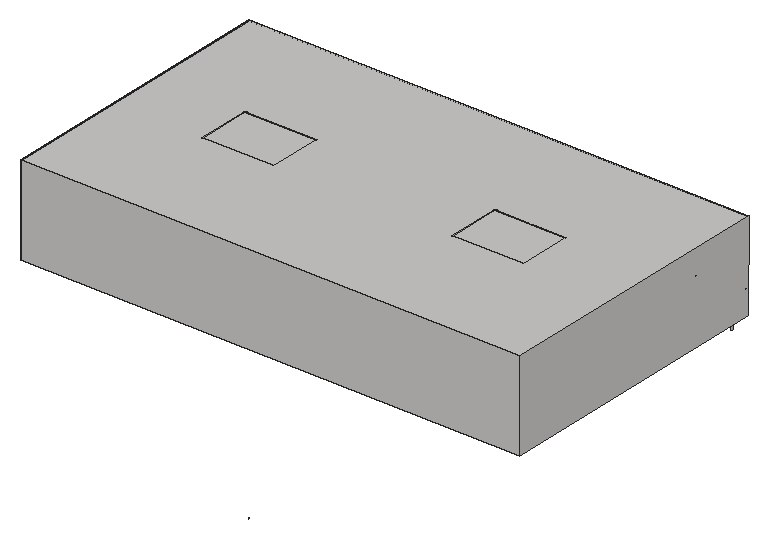
Revit family "QF_ELECTROLUXPROFESSIONAL_640282_VAP1628", category Specialty Equipment, Revit 2014
Reference planes
  plane 1: z = 0
  plane 2 "Center (Left/Right)": x = 150
  plane 3 "LEFT": x = -1250
  plane 4 "RIGHT": x = 1550
  plane 5 "BACK": y = 550
  plane 6 "TOP": z = 2500
  plane 7 "Base": z = 2000
  plane 8: z = 1970
  plane 9 "DrainY": y = 450
  plane 10: x = -1247
  plane 11 "DrainX": x = 1537
  plane 12 "AOLeft2": x = -350
  plane 13 "AORight1": x = 650
  plane 14: x = 1547
  plane 15: x = -1050
  plane 16: x = 1350
  plane 17: x = 50
  plane 18: x = 250
  plane 19 "Center (Front/Back)": y = -250
  plane 20 "Front": y = -1050
  plane 21 "AOLeft1": x = -750
  plane 22 "AORight2": x = 1050
  plane 23: through (0, 550, 2133.855) normal (0, 0.5299, 0.848)
  plane 24: through (0, -1050, 2133.855) normal (0, 0.5299, -0.848)
  plane 25: y = -100
  plane 26: y = -400
Forms (mm)
  Extrusion 1, solid, material "QF_Finishes_Stainless Steel"
    sketch origin (-1250, 0, 360) x (0, 1, 0) y (0, 0, 1)
      loop
        line (550, 1640) -> (550, 2140) -> (-1050, 2140) -> (-1050, 1640) -> (550, 1640)
    from 0 to 3
  Extrusion 2, solid, material "QF_Finishes_Stainless Steel"
    sketch origin (1550, 0, 360) x (0, 1, 0) y (0, 0, 1)
      loop
        line (550, 1640) -> (550, 2140) -> (-1050, 2140) -> (-1050, 1640) -> (550, 1640)
    from 0 to -3
  Extrusion 3, solid, material "QF_Finishes_Stainless Steel"
    sketch origin (150, 0, 360) x (0, 1, 0) y (0, 0, 1)
      loop
        line (-1050, 2140) -> (-1050, 1640) -> (-1040, 1640) -> (-1040, 1640.8) -> (-1049.2, 1640.8) -> (-1049.2, 2139.19) -> (549.2, 2139.19) -> (549.2, 1640.8) -> (540, 1640.8) -> (540, 1640) -> (550, 1640) -> (550, 2140) -> (-1050, 2140)
    from -1400 to 1400
  Extrusion 4, solid, material "QF_Finishes_Stainless Steel"
    sketch origin (0, 0, 2000) x (0, 1, 0) y (-1, 0, 0)
      loop
        circle (450, -1537) r 4.763
    from -30 to 0
  Extrusion 5, void
    sketch origin (0, 400, 2500) x (0, 1, 0) y (-1, 0, 0)
      loop
        line (-500, 350) -> (-500, 750) -> (-800, 750) -> (-800, 350) -> (-500, 350)
    from 0 to -10
  Extrusion 6, solid, material "QF_Finishes_Stainless Steel"
    sketch origin (0, 0, 0) x (1, 0, 0) y (0, 1, 0)
      loop
        line (-1250, 550) -> (-1250, 549) -> (-1249, 549) -> (-1249, 550) -> (-1250, 550)
    from 0 to 1
  Extrusion 7, solid, material "QF_Finishes_Stainless Steel"
    sketch origin (150, 0, 360) x (0, 1, 0) y (0, 0, 1)
      loop
        line (503.5, 1837.574) -> (207.375, 2022.621) -> (192.198, 1998.364) -> (488.366, 1813.348) -> (503.5, 1837.574)
      loop
        line (-1003.5, 1837.574) -> (-988.366, 1813.348) -> (-692.198, 1998.364) -> (-707.375, 2022.621) -> (-1003.5, 1837.574)
    from -1200 to -1397
  Extrusion 8, solid, material "QF_Finishes_Stainless Steel"
    sketch origin (150, 0, 360) x (0, 1, 0) y (0, 0, 1)
      loop
        line (549.2, 1775.312) -> (472.742, 1823.075) -> (472.313, 1822.387) -> (549.2, 1774.355) -> (549.2, 1775.312)
      loop
        line (202.48, 1991.938) -> (126.212, 2039.602) -> (-626.212, 2039.602) -> (-702.48, 1991.938) -> (-702.062, 1991.27) -> (-626, 2038.801) -> (126, 2038.801) -> (202.063, 1991.27) -> (202.48, 1991.938)
      loop
        line (-1049.2, 1775.312) -> (-1049.2, 1774.355) -> (-972.312, 1822.387) -> (-972.742, 1823.075) -> (-1049.2, 1775.312)
    from -1397 to 1397
  Extrusion 9, solid, material "QF_Finishes_Stainless Steel"
    sketch origin (150, 0, 360) x (0, 1, 0) y (0, 0, 1)
      loop
        line (-707.375, 2022.621) -> (-1003.5, 1837.574) -> (-988.366, 1813.348) -> (-692.198, 1998.364) -> (-707.375, 2022.621)
      loop
        line (503.5, 1837.574) -> (207.375, 2022.621) -> (192.198, 1998.364) -> (488.366, 1813.348) -> (503.5, 1837.574)
    from 1397 to 1200
  Extrusion 10, solid, material "QF_Finishes_Stainless Steel"
    sketch origin (150, 0, 360) x (0, 1, 0) y (0, 0, 1)
      loop
        line (-707.375, 2022.621) -> (-1003.5, 1837.574) -> (-988.366, 1813.348) -> (-692.198, 1998.364) -> (-707.375, 2022.621)
      loop
        line (503.5, 1837.574) -> (207.375, 2022.621) -> (192.198, 1998.364) -> (488.366, 1813.348) -> (503.5, 1837.574)
    from -100 to 100
  Extrusion 11, solid, material "QF_Finished_Chrome"
    sketch origin (150, 0, 360) x (0, 1, 0) y (0, 0, 1)
      loop
        line (503.5, 1837.574) -> (207.375, 2022.621) -> (192.198, 1998.364) -> (488.366, 1813.348) -> (503.5, 1837.574)
      loop
        line (-707.375, 2022.621) -> (-1003.5, 1837.574) -> (-988.366, 1813.348) -> (-692.198, 1998.364) -> (-707.375, 2022.621)
    from -1200 to -100
  Extrusion 12, solid, material "QF_Finished_Chrome"
    sketch origin (150, 0, 360) x (0, 1, 0) y (0, 0, 1)
      loop
        line (-707.375, 2022.621) -> (-1003.5, 1837.574) -> (-988.366, 1813.348) -> (-692.198, 1998.364) -> (-707.375, 2022.621)
      loop
        line (503.5, 1837.574) -> (207.375, 2022.621) -> (192.198, 1998.364) -> (488.366, 1813.348) -> (503.5, 1837.574)
    from 100 to 1200
  Sweep 13, solid, material "QF_Finishes_Stainless Steel"
    path origin (0, 0, 0) x (1, 0, 0) y (0, 1, 0)
      loop
        line (1550, 550) -> (-1250, 550) -> (-1250, -1050) -> (1550, -1050) -> (1550, 550)
    profile origin (1550, -250, 0) x (1, 0, 0) y (0, 0, 1)
      loop
        line (-3, 2000) -> (-3, 2000.8) -> (-19, 2000.8) -> (-19, 2010) -> (-20, 2010) -> (-20, 2000) -> (-3, 2000)
  Extrusion 14, void
    sketch origin (0, 400, 2500) x (0, 1, 0) y (-1, 0, 0)
      loop
        line (-500, -1050) -> (-500, -650) -> (-800, -650) -> (-800, -1050) -> (-500, -1050)
    from 0 to -10
Cuts and joins
  Extrusion 5, Extrusion 14 cuts Extrusion 3
  joined: Extrusion 2, Extrusion 3, Sweep 13
Lines and regions (mm)
  symbolic lines, style "SpecialityEquipment", detail levels coarse
    curve 1: line (1550, 550, 2500) -> (-1250, 550, 2500)
    curve 2: line (-1250, 550, 2500) -> (-1250, -1050.8, 2500)
    curve 3: line (1550, -1050.8, 2500) -> (1550, 550, 2500)
    curve 4: line (-1250, 550, 0) -> (1550, -1050, 0)
    curve 5: line (1550, 550, 0) -> (-1250, -1050, 0)
  symbolic lines, detail levels coarse
    curve 6: line (-1250, -1050, 0) -> (1550, -1050, 0)
    curve 7: line (-350, -100, 0) -> (-750, -100, 0)
    curve 8: line (-350, -400, 0) -> (-350, -100, 0)
    curve 9: line (-750, -400, 0) -> (-350, -400, 0)
    curve 10: line (-750, -100, 0) -> (-750, -400, 0)
    curve 11: line (1050, -100, 0) -> (650, -100, 0)
    curve 12: line (1050, -400, 0) -> (1050, -100, 0)
    curve 13: line (650, -400, 0) -> (1050, -400, 0)
    curve 14: line (650, -100, 0) -> (650, -400, 0)
Dimensions and locks
  plane 3 "LEFT" to plane 4 "RIGHT" = 2800 mm
  equal spacing: plane 3 "LEFT", plane 2 "Center (Left/Right)", plane 4 "RIGHT"
  plane 7 "Base" to plane 8 = 30 mm
  plane 5 "BACK" to plane 9 "DrainY" = 100 mm  (x2)
  plane 3 "LEFT" to plane 10 = 3 mm
  plane 11 "DrainX" to plane 4 "RIGHT" = 13 mm
  plane 14 to plane 4 "RIGHT" = 3 mm
  plane 3 "LEFT" to plane 15 = 200 mm
  plane 16 to plane 4 "RIGHT" = 200 mm
  locked: plane 12 "AOLeft2" to plane 13 "AORight1" at 1000
  equal spacing: plane 12 "AOLeft2", plane 2 "Center (Left/Right)", plane 13 "AORight1"
  locked: plane 7 "Base" to level at 2000
  locked: plane 6 "TOP" to plane 7 "Base" at 500
  locked: plane 17 to plane 18 at 200
  equal spacing: plane 17, plane 2 "Center (Left/Right)", plane 18
  plane 5 "BACK" to plane 20 "Front" = 1600 mm  (x2)
  equal spacing: plane 5 "BACK", plane 19 "Center (Front/Back)", plane 20 "Front"
  plane 21 "AOLeft1" to plane 12 "AOLeft2" = 400 mm
  plane 13 "AORight1" to plane 22 "AORight2" = 400 mm
  locked: plane 25 to plane 26 at 300
  equal spacing: plane 25, plane 19 "Center (Front/Back)", plane 26
  aligned and locked: level to plane 1
  aligned and locked: plane 4 "RIGHT" to Extrusion 3
  aligned and locked: Extrusion 3 to plane 3 "LEFT"
  aligned and locked: Extrusion 7 to plane 10
  aligned and locked: Extrusion 7 to plane 15
  aligned and locked: Extrusion 2 to plane 14
  aligned and locked: plane 14 to Extrusion 9
  aligned and locked: plane 16 to Extrusion 9
  aligned and locked: Extrusion 10 to plane 18
  aligned and locked: Extrusion 10 to plane 17
  aligned and locked: Extrusion 11 to plane 17
  aligned and locked: Extrusion 11 to plane 15
  aligned and locked: Extrusion 12 to plane 18
  aligned and locked: Extrusion 12 to plane 16
  aligned and locked: Extrusion 8 to plane 10
  aligned and locked: Extrusion 8 to plane 14
  aligned and locked: Extrusion 1 to plane 20 "Front"
  aligned and locked: Extrusion 5 to plane 21 "AOLeft1"
  aligned and locked: Extrusion 5 to plane 12 "AOLeft2"
  aligned and locked: plane 13 "AORight1" to Extrusion 14
  aligned and locked: plane 22 "AORight2" to Extrusion 14
  aligned and locked: plane 25 to curve 7
  aligned and locked: curve 9 to plane 26
  aligned and locked: plane 25 to curve 11
  aligned and locked: curve 13 to plane 26
  aligned and locked: plane 25 to Extrusion 5 sketch curve
  aligned and locked: Extrusion 5 sketch curve to plane 26
  aligned and locked: plane 25 to Extrusion 14 sketch curve
Automatic sketch dimensions
  curve 6 to plane 3 "LEFT" = 0 mm
  curve 4 to plane 3 "LEFT" = 0 mm
  curve 5 to plane 4 "RIGHT" = 0 mm
  curve 6 to plane 4 "RIGHT" = 0 mm
  curve 4 to plane 20 "Front" = 0 mm
  curve 5 to plane 5 "BACK" = 0 mm
  curve 4 to plane 5 "BACK" = 0 mm
  curve 2 to plane 3 "LEFT" = 0 mm
  curve 3 to plane 4 "RIGHT" = 0 mm
  curve 2 to plane 5 "BACK" = 0 mm
  curve 3 to plane 20 "Front" = 0.8 mm
  curve 2 to plane 20 "Front" = 0.8 mm
  Extrusion 1 sketch curve to plane 7 "Base" = 0 mm
  Extrusion 1 sketch curve to plane 20 "Front" = 0 mm
  Extrusion 1 sketch curve to plane 5 "BACK" = 0 mm
  Extrusion 1 sketch curve to plane 6 "TOP" = 0 mm
  Extrusion 2 sketch curve to plane 7 "Base" = 0 mm
  Extrusion 2 sketch curve to plane 20 "Front" = 0 mm
  Extrusion 2 sketch curve to plane 5 "BACK" = 0 mm
  Extrusion 2 sketch curve to plane 6 "TOP" = 0 mm
  Extrusion 3 sketch curve to plane 6 "TOP" = 0 mm
  Extrusion 3 sketch curve to plane 20 "Front" = 0 mm
  Extrusion 3 sketch curve to plane 7 "Base" = 0 mm  (x2)
  Extrusion 3 sketch curve to plane 5 "BACK" = 0 mm
  plane 20 "Front" to Extrusion 3 sketch curve = 0.8 mm
  Extrusion 3 sketch curve to Extrusion 3 sketch curve = 9.2 mm
  plane 7 "Base" to Extrusion 3 sketch curve = 0.8 mm  (x2)
  Extrusion 3 sketch curve to plane 5 "BACK" = 10 mm
  Extrusion 3 sketch curve to plane 5 "BACK" = 0.8 mm
  Extrusion 3 sketch curve to plane 6 "TOP" = 0.81 mm
  Extrusion 4 sketch curve to plane 9 "DrainY" = 0 mm
  Extrusion 4 sketch curve to plane 11 "DrainX" = 0 mm
  Extrusion 5 sketch curve to plane 12 "AOLeft2" = 0 mm
  Extrusion 5 sketch curve to plane 21 "AOLeft1" = 0 mm
  Extrusion 6 sketch curve to plane 3 "LEFT" = 0 mm
  Extrusion 6 sketch curve to plane 5 "BACK" = 0 mm
  plane 3 "LEFT" to Extrusion 6 sketch curve = 1 mm
  Extrusion 6 sketch curve to Extrusion 6 sketch curve = 1 mm
  Sweep 13 sketch curve to plane 3 "LEFT" = 0 mm
  Sweep 13 sketch curve to plane 4 "RIGHT" = 0 mm
  Sweep 13 sketch curve to plane 20 "Front" = 0 mm
  Sweep 13 sketch curve to plane 5 "BACK" = 0 mm
  profile plane to Sweep 13 sketch curve = 20 mm
  Sweep 13 sketch curve to Sweep 13 sketch curve = 1 mm
  profile plane to Sweep 13 sketch curve = 3 mm
  level to Sweep 13 sketch curve = 2000 mm
  Sweep 13 sketch curve to Sweep 13 sketch curve = 0.8 mm
  Sweep 13 sketch curve to Sweep 13 sketch curve = 9.2 mm
  Extrusion 14 sketch curve to plane 12 "AOLeft2" = 1400 mm
  plane 21 "AOLeft1" to Extrusion 14 sketch curve = 1400 mm
  curve 8 to plane 12 "AOLeft2" = 0 mm
  curve 9 to plane 21 "AOLeft1" = 0 mm
  curve 11 to plane 13 "AORight1" = 0 mm
  curve 12 to plane 22 "AORight2" = 0 mm
  plane 20 "Front" to Extrusion 8 sketch curve = 0.8 mm
  Extrusion 8 sketch curve to Extrusion 8 sketch curve = 0.43 mm  (x2)
  Extrusion 8 sketch curve to Extrusion 8 sketch curve = 0.418 mm  (x2)
  Extrusion 8 sketch curve to plane 9 "DrainY" = 324 mm
  Extrusion 8 sketch curve to plane 6 "TOP" = 100.398 mm
  Extrusion 8 sketch curve to Extrusion 8 sketch curve = 0.212 mm  (x2)
  Extrusion 8 sketch curve to Extrusion 8 sketch curve = 76.063 mm
  Extrusion 8 sketch curve to plane 6 "TOP" = 148.062 mm
  plane 9 "DrainY" to Extrusion 8 sketch curve = 22.313 mm
  Extrusion 8 sketch curve to plane 5 "BACK" = 0.8 mm
  plane 7 "Base" to Extrusion 8 sketch curve = 134.355 mm  (x2)
  Extrusion 8 sketch curve to Extrusion 8 sketch curve = 0.957 mm  (x2)
  Extrusion 8 sketch curve to Extrusion 8 sketch curve = 0.669 mm
  Extrusion 8 sketch curve to Extrusion 8 sketch curve = 76.268 mm
  Extrusion 8 sketch curve to Extrusion 8 sketch curve = 0.801 mm
  Extrusion 7 sketch curve to plane 9 "DrainY" = 257.802 mm
  Extrusion 7 sketch curve to plane 6 "TOP" = 117.379 mm
  Extrusion 7 sketch curve to Extrusion 7 sketch curve = 15.177 mm  (x2)
  plane 9 "DrainY" to Extrusion 7 sketch curve = 38.366 mm
  Extrusion 7 sketch curve to Extrusion 7 sketch curve = 15.134 mm
  plane 7 "Base" to Extrusion 7 sketch curve = 173.348 mm  (x2)
  Extrusion 7 sketch curve to Extrusion 7 sketch curve = 24.226 mm  (x2)
  Extrusion 7 sketch curve to Extrusion 7 sketch curve = 24.257 mm
  Extrusion 11 sketch curve to plane 5 "BACK" = 46.5 mm
  plane 7 "Base" to Extrusion 11 sketch curve = 197.574 mm
  Extrusion 11 sketch curve to Extrusion 11 sketch curve = 15.134 mm  (x2)
  Extrusion 11 sketch curve to plane 6 "TOP" = 117.379 mm
  Extrusion 11 sketch curve to Extrusion 11 sketch curve = 24.226 mm  (x2)
  Extrusion 11 sketch curve to Extrusion 11 sketch curve = 15.177 mm  (x2)
  Extrusion 11 sketch curve to Extrusion 11 sketch curve = 24.257 mm  (x2)
  Extrusion 11 sketch curve to plane 6 "TOP" = 141.636 mm
  Extrusion 10 sketch curve to plane 6 "TOP" = 117.379 mm  (x2)
  Extrusion 10 sketch curve to Extrusion 10 sketch curve = 24.257 mm  (x2)
  Extrusion 10 sketch curve to Extrusion 10 sketch curve = 24.226 mm  (x2)
  Extrusion 10 sketch curve to Extrusion 10 sketch curve = 15.177 mm  (x2)
  plane 9 "DrainY" to Extrusion 10 sketch curve = 38.366 mm
  Extrusion 10 sketch curve to Extrusion 10 sketch curve = 15.134 mm  (x2)
  plane 7 "Base" to Extrusion 10 sketch curve = 173.348 mm
  Extrusion 12 sketch curve to plane 6 "TOP" = 117.379 mm
  Extrusion 12 sketch curve to Extrusion 12 sketch curve = 15.177 mm  (x2)
  Extrusion 12 sketch curve to Extrusion 12 sketch curve = 24.257 mm  (x2)
  Extrusion 12 sketch curve to plane 6 "TOP" = 141.636 mm
  plane 7 "Base" to Extrusion 12 sketch curve = 197.574 mm  (x2)
  Extrusion 12 sketch curve to plane 9 "DrainY" = 257.802 mm
  plane 9 "DrainY" to Extrusion 12 sketch curve = 38.366 mm
  Extrusion 12 sketch curve to Extrusion 12 sketch curve = 15.134 mm  (x2)
  Extrusion 9 sketch curve to plane 6 "TOP" = 117.379 mm  (x2)
  Extrusion 9 sketch curve to Extrusion 9 sketch curve = 24.257 mm  (x2)
  Extrusion 9 sketch curve to Extrusion 9 sketch curve = 24.226 mm  (x2)
  Extrusion 9 sketch curve to plane 5 "BACK" = 46.5 mm
  plane 7 "Base" to Extrusion 9 sketch curve = 197.574 mm
  Extrusion 9 sketch curve to Extrusion 9 sketch curve = 15.134 mm  (x2)
  Extrusion 9 sketch curve to Extrusion 9 sketch curve = 15.177 mm  (x2)
  Extrusion 7 sketch curve to plane 6 "TOP" = 141.636 mm
  plane 20 "Front" to Extrusion 7 sketch curve = 357.802 mm
  plane 20 "Front" to Extrusion 7 sketch curve = 61.634 mm
  plane 20 "Front" to Extrusion 8 sketch curve = 77.258 mm
  Extrusion 8 sketch curve to Extrusion 8 sketch curve = 270.262 mm
  plane 20 "Front" to Extrusion 9 sketch curve = 357.802 mm
  plane 20 "Front" to Extrusion 9 sketch curve = 61.634 mm
  plane 20 "Front" to Extrusion 10 sketch curve = 357.802 mm
  plane 20 "Front" to Extrusion 10 sketch curve = 61.634 mm
  plane 20 "Front" to Extrusion 11 sketch curve = 357.802 mm
  plane 20 "Front" to Extrusion 11 sketch curve = 61.634 mm
  plane 20 "Front" to Extrusion 12 sketch curve = 357.802 mm
  plane 20 "Front" to Extrusion 12 sketch curve = 61.634 mm
  Extrusion 14 sketch curve to Extrusion 14 sketch curve = 300 mm
  radius of Extrusion 4 sketch curve = 4.763 mm
Connectors
  piping at (1537, 450, 1970), diameter 9.5
    settings: on Extrusion 4, index 1, connector inside diameter 609.6 mm, connector length 0 mm, flow factor 0, pipe flow 0.0 L/s, pressure drop 0.0 Pa, fitting loss kfactor 0, connector angle 0.00°, fixture units 0, engagement length 0 mm, angle of deflection 0.00°, flow configuration 1, flow direction 2, fitting loss method 0, system type 16, joint type 0, gender type 0, connector reference index -1, connector utility 0, adjustable connector no, is connector primary yes, connector description "Drain"
  hvac at (-550, -250, 2500)
    settings: on Extrusion 5, index 2, duct flow 0.0 L/s, flow factor 0, pres drop 0.0 Pa, loss coef 0, conn angle 0.00°, conn width 300 mm, conn height 400 mm, conn diameter 609.6 mm, duct sys type 3, conn prof type 1, flow config 1, flow direction 2, loss method 0, conn ref index -1, conn util no, is conn primary yes, conn desc "EXHAUST OUTLET"
  hvac at (850, -250, 2500)
    settings: on Extrusion 14, index 3, duct flow 0.0 L/s, flow factor 0, pres drop 0.0 Pa, loss coef 0, conn angle 0.00°, conn width 300 mm, conn height 400 mm, conn diameter 609.6 mm, duct sys type 3, conn prof type 1, flow config 1, flow direction 2, loss method 0, conn ref index -1, conn util no, is conn primary no, conn desc "EXHAUST OUTLET"
